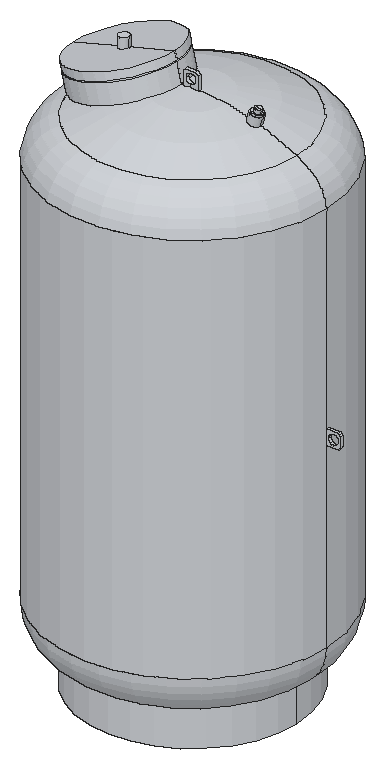
Revit family
Parameters (values of type "3500L 125# W.P.")
  Weight = "2110"
  Tank Volume = "925 Gallons"
  Tank Only = 104.250"
  Tank Height = 107.000"
  Tank Diameter = "54"
  Pipe Connector Diameter = Pipe Connection Radius * 2  # 2.000"
  Pipe Connection Radius = 1.000"
  Model = "3500L"
  Max Operating Temp = "240 Deg F"
  Max Operating Pressure = "125 PSI"
  Manufacturer = "Amtrol"
  Lifting Ring Location = (Tank Only / 2) + 1.625"  # 53.750"
  Floor to Bottom of Tank = 2.750"
  Bladder/Diaphragm = "Bladder"
  ASME = yes
Types (11): name | Weight | Tank Volume | Tank Only | Tank Height | Model | Max Operating Pressure | Lifting Ring Location
  (no name) | "2110" | "925 Gallons" | 104.250" | 107.000" | "3500L" | "125 PSI" | 53.750"
  3500L 125# W.P. | "2110" | "925 Gallons" | 104.250" | 107.000" | "3500L" | "125 PSI" | 53.750"
  3500L 150# W.P. 10 BAR | "2375" | "925 Gallons" | 104.250" | 107.000" | "3500L" | "150 PSI" | 53.750"
  3500L 175# W.P. | "2375" | "925 Gallons" | 104.250" | 107.000" | "3500L" | "175 PSI" | 53.750"
  3500L 250# W.P. | "3660" | "925 Gallons" | 104.250" | 107.000" | "3500L" | "250 PSI" | 53.750"
  3500L 300# W.P. | "3780" | "925 Gallons" | 104.250" | 107.000" | "3500L" | "250 PSI" | 53.750"
  4000L 125# W.P. | "2230" | "1057 Gallons" | 117.875" | 121.000" | "4000L" | "125 PSI" | 60.5625"
  4000L 150# W.P. 10 BAR | "2640" | "1057 Gallons" | 117.875" | 121.000" | "4000L" | "150 PSI" | 60.5625"
  4000L 175# W.P. | "2640" | "1057 Gallons" | 117.875" | 121.000" | "4000L" | "175 PSI" | 60.5625"
  4000L 250# W.P. | "4080" | "1057 Gallons" | 117.875" | 121.000" | "4000L" | "250 PSI" | 60.5625"
  4000L 300# W.P. | "4285" | "1057 Gallons" | 117.875" | 121.000" | "4000L" | "300 PSI" | 60.5625"
Reference planes (in)
  plane 1 "Center (Front/Back)": y = 0
  plane 2: z = 0
  plane 3 "Center (Left/Right)": x = 0
  plane 4: through (-0.27407, -0.71225, 48) normal (0.4226, 0.9063, 0)
Forms (in)
  Revolve 1, solid
    sketch origin (7.89663, 0, 24.44883) x (1, 0, 0) y (0, 0, 1)
      loop
        line (4.64715, 80.74792) -> (5.8746, 80.41902) -> (6.32015, 82.08183) -> (6.07867, 82.14654) -> (6.1514, 82.41796) -> (5.77662, 82.51839) -> (5.97073, 83.24283) -> (5.35955, 83.4066) -> (4.64715, 80.74792)
      axis (4.64715, 80.74792) -> (5.35955, 83.4066)
    angle from 0 to 360
  Sweep 2, solid
    path origin (-8.40235, 0, 26.60279) x (1, 0, 0) y (0, 0, 1)
      loop
        line (-5.27301, 81.80124) -> (-5.27301, 84.891)
    profile origin (-13.67536, 0, 109.94891) x (-1, 0, 0) y (0, -1, 0)
      loop
        circle (0, 0) r 1
  Revolve 3, solid
    sketch origin (0, 0, 0) x (1, 0, 0) y (0, 0, 1)
      loop
        line (-21, 0) -> (-20.75, 0) -> (-20.75, 9.13591) -> (-21, 9.13591) -> (-21, 0)
      axis (0, 0) -> (0, 9.13591)
    angle from 0 to 360
  Extrusion 4, solid
    sketch origin (9.07958, 0, -0.08679) x (1, 0, 0) y (0, 0, 1)
      loop
        line (17.69188, 55.33636) -> (17.69188, 52.33636) -> (20.44188, 52.33636) -> (20.94188, 52.83636) -> (20.94188, 54.83636) -> (20.44188, 55.33636) -> (17.69188, 55.33636)
      loop
        circle (19.49957, 53.83679) r 1
    from -0.23956 to 0.25
  Extrusion 5, solid
    sketch origin (0.6419, 0, 4.54475) x (1, 0, 0) y (0, 0, 1)
      loop
        line (-2.12761, 102.29891) -> (0.8566, 102.29891) -> (0.8566, 105.0048) -> (0.3566, 105.5048) -> (-1.67172, 105.5048) -> (-2.12761, 105.04891) -> (-2.12761, 102.29891)
      loop
        circle (-0.6434, 104.0048) r 1
    from -0.23956 to 0.25
  Revolve 6, solid
    sketch origin (-0.64437, 0, -0.81246) x (1, 0, 0) y (0, 0, 1)
      loop
        line (-23.64005, 7.84152) -> (-23.17151, 7.48845) -> (-22.66662, 8.15847) -> (-22.33869, 7.91136) -> (-22.16192, 8.08814) -> (-21.91821, 7.90449) -> (-20.8643, 9.30308) -> (-21.93226, 10.10784) -> (-23.64005, 7.84152)
      axis (-23.64005, 7.84152) -> (-21.93226, 10.10784)
    angle from 0 to 360
  Revolve 7, solid
    sketch origin (-3.11052, 0, -5.83223) x (1, 0, 0) y (0, 0, 1)
      loop
        line (-0.47819, 118.06339) -> (-10.52011, 115.37266) -> (-9.02388, 109.78867) -> (1.00672, 112.47636) -> (0, 116.23349) -> (-1.31053, 115.88233) -> (-1.3943, 116.19498) -> (-0.07245, 116.54917) -> (-0.47819, 118.06339)
      axis (-9.02388, 109.78867) -> (-10.52011, 115.37266)
    angle from 0 to 360
  Revolve 8, solid
    sketch origin (0, 0, 0) x (1, 0, 0) y (0, 0, 1)
      loop
        line (0, 107) -> (0, 2.75)
        arc (0, 2.75) -> (11.45207, 3.84907) -> (22.22776, 7.87924) r 44
        arc (22.22776, 7.87924) -> (25.71523, 11.19031) -> (26.99999, 15.82443) r 9
        line (26.99999, 15.82443) -> (26.99999, 94.57156)
        arc (26.99999, 94.57156) -> (24.99478, 99.14364) -> (20.86136, 101.94359) r 9
        arc (20.86136, 101.94359) -> (10.74375, 105.76345) -> (0, 107) r 44
      axis (0, 2.75) -> (0, 107)
    angle from 0 to 360
Dimensions and locks (in)
  locked: Revolve 1 sketch curve to Revolve 1 sketch curve at 1.72147
  locked: Revolve 1 sketch curve to Revolve 1 sketch curve at 2.00247
  locked: Revolve 1 sketch curve to Revolve 1 sketch curve at 2.75247
  locked: Extrusion 4 sketch curve to Extrusion 4 sketch curve at 3
  Extrusion 4 sketch curve to Extrusion 4 sketch curve = 3.250"
  "Lifting Ring Location": Extrusion 4 sketch curve to level
  Extrusion 4 sketch curve to Extrusion 4 sketch curve = 0.80768"
  plane 3 "Center (Left/Right)" to Sweep 2 sketch curve = 13.67536"
  Revolve 7 sketch curve to Revolve 7 sketch curve = 3.88967"
  locked: Revolve 7 sketch curve to Revolve 7 sketch curve at 5.78099
  "Floor to Bottom of Tank": Revolve 8 sketch curve to level
  "Tank Only": Revolve 8 sketch curve to Revolve 8 sketch curve
  locked: Revolve 8 sketch curve to Revolve 8 sketch curve at 26.99999
  locked: Revolve 8 sketch curve to Revolve 8 sketch curve at 35.16246
  Revolve 6 sketch curve to Revolve 6 sketch curve = 1.75122"
  locked: Revolve 6 sketch curve to Revolve 6 sketch curve at 1.99879
  locked: Revolve 6 sketch curve to Revolve 6 sketch curve at 2.83774
  Extrusion 5 sketch curve to Revolve 8 = 4.90008"
  Extrusion 5 sketch curve to Extrusion 5 sketch curve = 3.20589"
  Extrusion 5 sketch curve to Extrusion 5 sketch curve = 2.98421"
  Revolve 1 sketch curve to Revolve 8 = 2.92427"
  Revolve 1 sketch curve to Revolve 8 = 3.25316"
  Revolve 7 sketch curve to Revolve 8 = 2.01286"
  Revolve 7 sketch curve to Revolve 8 = 4.70055"
  Sweep 2 sketch curve to Revolve 8 = 6.46045"
  radius of Extrusion 4 sketch curve = 1.000"
  radius of Revolve 8 sketch curve = 44.000"
  radius of Revolve 8 sketch curve = 9.000"
  aligned and locked: Revolve 1 sketch curve to Revolve 1 sketch curve
  aligned and locked: Revolve 3 sketch curve to level
  aligned and locked: level to Revolve 3 sketch curve
  aligned and locked: plane 3 "Center (Left/Right)" to Revolve 3 sketch curve
  aligned: plane 1 "Center (Front/Back)" to Extrusion 4
  aligned and locked: Revolve 7 sketch curve to Revolve 7 sketch curve  (x2)
  aligned and locked: import instance to plane 1 "Center (Front/Back)"
Automatic sketch dimensions
  Revolve 1 sketch curve to Revolve 1 sketch curve = 0.38839"
  Revolve 1 sketch curve to Revolve 1 sketch curve = 0.54353"
  Revolve 1 sketch curve to Revolve 1 sketch curve = 0.62319"
  Revolve 1 sketch curve to Revolve 1 sketch curve = 0.24148"
  Sweep 2 sketch curve to Sweep 2 sketch curve = 3.08976"
  plane 1 "Center (Front/Back)" to Sweep 2 sketch curve = 0.000"
  Sweep 2 sketch curve to profile plane = 0.000"
  plane 3 "Center (Left/Right)" to Revolve 1 sketch curve = 12.15539"
  Revolve 1 sketch curve to Revolve 1 sketch curve = 0.41707"
  plane 3 "Center (Left/Right)" to Extrusion 4 sketch curve = 26.77146"
  Extrusion 4 sketch curve to Extrusion 4 sketch curve = 0.94232"
  Extrusion 4 sketch curve to Extrusion 4 sketch curve = 0.500"  (x3)
  Extrusion 4 sketch curve to Extrusion 4 sketch curve = 0.99957"
  Revolve 3 sketch curve to plane 3 "Center (Left/Right)" = 0.000"
  level to Revolve 3 sketch curve = 9.13591"
  Revolve 3 sketch curve to plane 3 "Center (Left/Right)" = 20.750"
  Revolve 3 sketch curve to Revolve 3 sketch curve = 0.250"
  Revolve 3 sketch curve to Revolve 3 sketch curve = 7.98627"
  Revolve 7 sketch curve to plane 3 "Center (Left/Right)" = 3.11052"
  Revolve 7 sketch curve to plane 3 "Center (Left/Right)" = 3.18297"
  Revolve 7 sketch curve to plane 3 "Center (Left/Right)" = 3.58871"
  Revolve 7 sketch curve to plane 3 "Center (Left/Right)" = 4.42105"
  Revolve 7 sketch curve to Revolve 7 sketch curve = 0.08377"
  Revolve 7 sketch curve to Revolve 7 sketch curve = 1.28608"
  Revolve 8 sketch curve to plane 3 "Center (Left/Right)" = 0.000"  (x2)
  Revolve 8 sketch curve to level = 0.000"
  plane 3 "Center (Left/Right)" to Revolve 8 sketch curve = 0.37907"
  plane 3 "Center (Left/Right)" to Revolve 8 sketch curve = 1.5587"
  Revolve 8 sketch curve to Revolve 8 sketch curve = 9.000"
  Revolve 8 sketch curve to Revolve 8 sketch curve = 2.78275"
  level to Revolve 8 sketch curve = 7.87924"
  Revolve 8 sketch curve to Revolve 8 sketch curve = 4.22776"
  Revolve 8 sketch curve to Revolve 8 sketch curve = 3.75326"
  level to Revolve 6 sketch curve = 7.02906"  (x2)
  Revolve 6 sketch curve to plane 3 "Center (Left/Right)" = 24.28442"
  Revolve 6 sketch curve to Revolve 6 sketch curve = 0.000"
  level to Revolve 6 sketch curve = 6.67599"
  Revolve 6 sketch curve to Revolve 6 sketch curve = 0.46854"
  level to Revolve 6 sketch curve = 7.0989"
  Revolve 6 sketch curve to Revolve 6 sketch curve = 0.17678"
  level to Revolve 6 sketch curve = 7.09203"
  level to Revolve 6 sketch curve = 9.75194"
  Revolve 6 sketch curve to Revolve 6 sketch curve = 0.34404"
  Extrusion 5 sketch curve to plane 3 "Center (Left/Right)" = 1.48571"
  Extrusion 5 sketch curve to Extrusion 5 sketch curve = 0.45589"  (x2)
  Extrusion 5 sketch curve to plane 3 "Center (Left/Right)" = 0.0015"
  plane 3 "Center (Left/Right)" to Extrusion 5 sketch curve = 0.9985"
  Extrusion 5 sketch curve to Extrusion 5 sketch curve = 1.000"
  Extrusion 5 sketch curve to Extrusion 5 sketch curve = 1.04411"
  radius of Sweep 2 sketch curve = 1.000"
  radius of Extrusion 5 sketch curve = 1.000"
Connectors (in)
  piping at (-13.67536, 0, 111.49379), driven by "Pipe Connection Radius"
    settings: on Sweep 2, index 1
